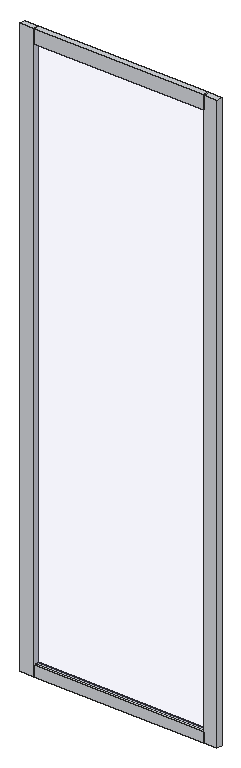
Revit family "ASL Door Suite 100mm", category Doors, Revit 2018
Family settings
  OmniClass Number = 23.25.20.14.11.11.17
  OmniClass Title = Infill Panels
  Always vertical = Yes
  Cut with Voids When Loaded = No
  Shared = No
  Room Calculation Point = No
Parameters (values of type "100mm Frame_75mm Kickplate")
  URL = "www.aluminate.nz"
  Type Comments = "ASL Door Suite 100mm"  # constant formula
  Model = "ASL Door Suite 100mm"  # constant formula
  Material = none
  Manufacturer = "Aluminate Solutions Limited"  # constant formula
  Kickplate High = 75 mm
  Head Depth = 100 mm
  Glass Material = none
  Frame Width = 100 mm
  Frame Thickness = 44 mm
  Created By = "http://www.productspec.net/"  # constant formula
  Assembly Code = ""
  Analytic Construction = "<None>"
Types (5, lengths in mm): name | URL | Kickplate High | Head Depth
  100mm Frame | "http://www.productspec.net/products/21357/psl-innovative-aluminium/alement-doors.aspx" | 100 | 100
  100mm Frame_150mm Kickplate | "http://www.productspec.net/products/21357/psl-innovative-aluminium/alement-doors.aspx" | 150 | 100
  100mm Frame_75mm Kickplate | "www.aluminate.nz" | 75 | 100
  100mm Frame_75mm Head_75mm Kickplate | "http://www.productspec.net/products/21357/psl-innovative-aluminium/alement-doors.aspx" | 75 | 75
  100mm Frame_75mm Head_150mm Kickplate | "http://www.productspec.net/products/21357/psl-innovative-aluminium/alement-doors.aspx" | 150 | 75
Reference planes
  plane 1 "Center (Front/Back)": y = 0
  plane 2: z = 0
  plane 3 "Center (Left/Right)": x = 0
  plane 4 "Left": x = -728
  plane 5 "Right": x = 728
  plane 6 "Top": z = 4290
  plane 7: x = -628
  plane 8: x = 628
Forms (mm)
  Sweep 1, solid, material <- "Material"
    path origin (0, 0, 0) x (1, 0, 0) y (0, 0, 1)
      loop
        line (728, 0) -> (728, 4290)
    profile "PSL Alement Door Frame : Jamb" origin (728, 0, 2145) x (-1, 0, 0) y (0, -1, 0)
      loop
        line (0, 22) -> (0, -22) -> (100, -22) -> (100, 22) -> (0, 22)
  Sweep 2, solid, material <- "Material"
    path origin (0, 0, 0) x (1, 0, 0) y (0, 0, 1)
      loop
        line (-628, 0) -> (628, 0)
    profile "PSL Alement Door Frame : Kickplate" origin (0, 0, 0) x (0, 0, 1) y (0, -1, 0)
      loop
        line (0, 22) -> (0, -22) -> (75, -22) -> (75, 22) -> (0, 22)
  Extrusion 3, solid, material <- "Glass Material"
    sketch origin (0, 0, 0) x (1, 0, 0) y (0, 0, 1)
      loop
        line (628, 4190) -> (-628, 4190) -> (-628, 75) -> (628, 75) -> (628, 4190)
    from -6 to 6
  Sweep 4, solid, material <- "Material"
    path origin (0, 0, 0) x (-1, 0, 0) y (0, 0, 1)
      loop
        line (728, 0) -> (728, 4290)
    profile "PSL Alement Door Frame : Jamb" origin (-728, 0, 2145) x (-1, 0, 0) y (0, -1, 0)
      loop
        line (0, 22) -> (-100, 22) -> (-100, -22) -> (0, -22) -> (0, 22)
  Sweep 5, solid, material <- "Material"
    path origin (0, 0, 0) x (1, 0, 0) y (0, 0, 1)
      loop
        line (628, 4290) -> (-628, 4290)
    profile "PSL Alement Door Frame : Head" origin (0, 0, 4290) x (0, 0, -1) y (0, -1, 0)
      loop
        line (0, 22) -> (0, -22) -> (100, -22) -> (100, 22) -> (0, 22)
Lines and regions (mm)
  Masking region 1
    outline origin (0, 0, 0) x (1, 0, 0) y (0, 1, 0)
      loop
        line (-684, 0) -> (-684, 100) -> (-728, 100) -> (-728, 0) -> (-684, 0)
  Masking region 2
    outline origin (0, 0, 0) x (1, 0, 0) y (0, 1, 0)
      loop
        line (-684, 1356) -> (-684, 1456) -> (-728, 1456) -> (-728, 1356) -> (-684, 1356)
  symbolic lines, style "DoorsFrameMullionProjection", detail levels medium+fine
    curve 1: line (-728, 0, 0) -> (-684, 0, 0)
    curve 2: line (-728, 100, 0) -> (-728, 0, 0)
    curve 3: line (-684, 100, 0) -> (-728, 100, 0)
    curve 4: line (-684, 0, 0) -> (-684, 100, 0)
    curve 5: line (-728, 1356, 0) -> (-684, 1356, 0)
    curve 6: line (-728, 1456, 0) -> (-728, 1356, 0)
    curve 7: line (-684, 1456, 0) -> (-728, 1456, 0)
    curve 8: line (-684, 1356, 0) -> (-684, 1456, 0)
  symbolic lines, style "Plan Swing"
    curve 9: arc (728, 0, 0) -> (301.547, 1029.547, 0) -> (-728, 1456, 0) r 1456
  symbolic lines, style "DoorsGlassProjection", detail levels medium
    curve 10: line (-706, 100, 0) -> (-706, 1356, 0)
  symbolic lines, style "DoorsFrameMullionProjection", detail levels coarse
    curve 11: line (-728, 0, 0) -> (-728, 1456, 0)
  symbolic lines, style "DoorsGlassProjection", detail levels fine
    curve 12: line (-700, 100, 0) -> (-700, 1356, 0)
    curve 13: line (-712, 100, 0) -> (-712, 1356, 0)
  symbolic lines, style "Elevation Swing"
    curve 14: line (728, 0, 4290) -> (-728, 0, 2145)
    curve 15: line (-728, 0, 2145) -> (728, 0, 0)
Text (mm)
  text "Exterior" at (-2351.972, 1416.179, 0), in view "Ref. Level"
  text "Exterior" at (0, 2290.741, 4406.713), in view "Left"
  text "Exterior" at (0, 1328.187, 4120.349), in view "Right"
Dimensions and locks
  equal spacing: plane 4 "Left", plane 3 "Center (Left/Right)", plane 5 "Right"
  "Frame Width": curve 5 to curve 7
  "Frame Width": curve 3 to plane 1 "Center (Front/Back)"
  "Frame Thickness": plane 4 "Left" to curve 4
  "Frame Thickness": plane 4 "Left" to curve 8
  equal spacing: curve 11, curve 10, curve 8
  locked: curve 10 to curve 12 at 6
  locked: curve 13 to curve 10 at 6
  equal spacing: plane 6 "Top", curve 15, plane 2
  "Frame Width": plane 4 "Left" to plane 7
  "Frame Width": plane 5 "Right" to plane 8
  aligned and locked: level to plane 2
  aligned and locked: curve 7 to curve 9
  aligned and locked: plane 4 "Left" to Sweep 4
  aligned and locked: plane 7 to Sweep 5 sketch curve
  aligned and locked: plane 8 to Sweep 5 sketch curve
  aligned and locked: Extrusion 3 sketch curve to plane 7
  aligned and locked: plane 8 to Extrusion 3 sketch curve
  aligned and locked: plane 7 to Sweep 2 sketch curve
  aligned and locked: plane 8 to Sweep 2 sketch curve
  aligned: Extrusion 3 to Sweep 2
  aligned: Extrusion 3 to Sweep 5
  aligned and locked: Sweep 1 to plane 5 "Right"
  aligned and locked: Extrusion 3 sketch curve to Sweep 2
  aligned and locked: Extrusion 3 sketch curve to Sweep 5
  aligned and locked: Masking region 2 sketch curve to curve 8
  aligned and locked: Masking region 2 sketch curve to curve 7
  aligned and locked: Masking region 2 sketch curve to curve 6
  aligned and locked: Masking region 2 sketch curve to curve 5
  aligned and locked: Masking region 1 sketch curve to curve 4
  aligned and locked: Masking region 1 sketch curve to curve 3
  aligned and locked: Masking region 1 sketch curve to curve 2
  aligned and locked: Masking region 1 sketch curve to curve 1
Automatic sketch dimensions
  plane 5 "Right" to Sweep 1 sketch curve = 0 mm
  Sweep 1 sketch curve to level = 0 mm
  Sweep 1 sketch curve to plane 6 "Top" = 0 mm
  Sweep 2 sketch curve to level = 0 mm
  plane 4 "Left" to curve 14 = 0 mm
  curve 15 to level = 0 mm
  plane 5 "Right" to curve 15 = 0 mm
  plane 5 "Right" to curve 14 = 0 mm
  curve 14 to plane 6 "Top" = 0 mm
  plane 4 "Left" to Sweep 4 sketch curve = 0 mm
  Sweep 4 sketch curve to level = 0 mm
  Sweep 4 sketch curve to plane 6 "Top" = 0 mm
  Sweep 5 sketch curve to plane 6 "Top" = 0 mm
  plane 1 "Center (Front/Back)" to curve 1 = 0 mm
  curve 1 to plane 4 "Left" = 0 mm
  plane 1 "Center (Front/Back)" to curve 9 = 0 mm
  curve 9 to plane 5 "Right" = 0 mm
